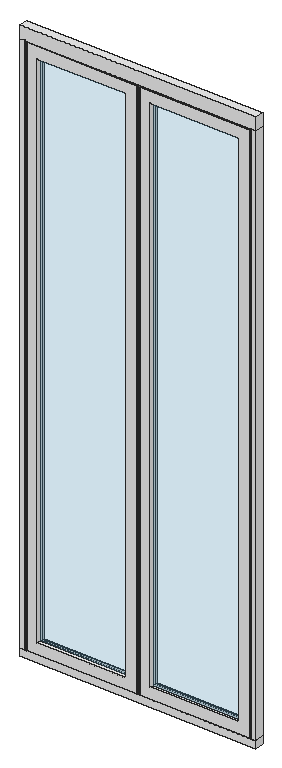
Revit family "98122", category Windows, host Wall, Revit 2018 (continued)
Definition of nested family "Left-Jamb_SL-45"
  Definition of nested family "Left-Jamb_Nana_Walls-S45"
    Lines and regions (in)
      model lines, in view "Ref. Level", visible <- "Half"
        curve 45: arc (0.99409, 0.23819, 0) -> (1.00989, 0.21889, 0) -> (1.03193, 0.23056, 0) r 0.01969
        curve 46: arc (0.94488, 0.19882, 0) -> (0.95065, 0.1849, 0) -> (0.96457, 0.17913, 0) r 0.01969
        curve 47: arc (1.10247, 0.34331, 0) -> (1.09516, 0.34745, 0) -> (1.08827, 0.34264, 0) r 0.00787
        curve 48: arc (1.22037, -0.90354, 0) -> (1.23429, -0.89778, 0) -> (1.24006, -0.88386, 0) r 0.01969
        curve 49: line (2.90731, -0.23763, 0) -> (3.10664, -0.30969, 0)
        curve 50: line (3.3831, -0.30609, 0) -> (3.42144, -0.25133, 0)
        curve 51: line (3.48536, -0.27781, 0) -> (3.46006, -0.42126, 0)
        curve 52: line (3.46006, -0.42126, 0) -> (3.40551, -0.45276, 0)
        curve 53: line (3.40551, -0.45276, 0) -> (3.40551, -0.37402, 0)
        curve 54: line (3.40551, -0.37402, 0) -> (3.30709, -0.37402, 0)
        curve 55: line (3.30709, -0.37402, 0) -> (3.30709, -0.40551, 0)
        curve 56: line (3.30709, -0.40551, 0) -> (2.89256, -0.28249, 0)
        curve 57: line (3.43343, 0.55118, 0) -> (3.30877, 0.55118, 0)
        curve 58: line (3.40551, 0.70866, 0) -> (3.30709, 0.70866, 0)
        curve 59: line (3.30709, 0.70866, 0) -> (3.30709, 0.74803, 0)
        curve 60: line (3.30709, 0.74803, 0) -> (3.34646, 0.74803, 0)
        curve 61: line (3.34646, 0.74803, 0) -> (3.29218, 0.80231, 0)
        curve 62: line (3.26213, 0.79968, 0) -> (3.25545, 0.79013, 0)
        curve 63: line (3.02756, 0.67126, 0) -> (3.24195, 0.67126, 0)
        curve 64: line (3.19094, 0.75655, 0) -> (3.15157, 0.75655, 0)
        curve 65: line (3.08707, 0.79013, 0) -> (3.08039, 0.79968, 0)
        curve 66: line (3.05034, 0.80231, 0) -> (2.99606, 0.74803, 0)
        curve 67: line (2.99606, 0.74803, 0) -> (3.02756, 0.74803, 0)
        curve 68: line (3.02756, 0.74803, 0) -> (3.02756, 0.70866, 0)
        curve 69: line (3.02756, 0.70866, 0) -> (2.99606, 0.70866, 0)
        curve 70: line (2.99606, 0.70866, 0) -> (2.99606, 0.70079, 0)
        curve 71: line (1.24006, -0.19882, 0) -> (1.24006, -0.3937, 0)
        curve 72: line (1.24006, -0.3937, 0) -> (1.29878, -0.3937, 0)
        curve 73: line (1.29786, -0.39024, 0) -> (1.31102, -0.39707, 0)
        curve 74: line (1.31102, -0.39707, 0) -> (1.323, -0.36417, 0)
        curve 75: line (1.323, -0.36417, 0) -> (1.39764, -0.43882, 0)
        curve 76: line (1.39764, -0.43882, 0) -> (1.39764, -0.64386, 0)
        curve 77: line (1.39764, -0.64386, 0) -> (1.323, -0.7185, 0)
        curve 78: line (1.323, -0.7185, 0) -> (1.31102, -0.68561, 0)
        curve 79: line (1.31102, -0.68561, 0) -> (1.29786, -0.69244, 0)
        curve 80: line (1.29878, -0.68898, 0) -> (1.24006, -0.68898, 0)
        curve 81: line (1.24006, -0.68898, 0) -> (1.24006, -0.88386, 0)
        curve 82: line (1.22037, -0.90354, 0) -> (1.1688, -0.90354, 0)
        curve 83: line (1.1688, -0.90354, 0) -> (1.22037, -0.90354, 0)
        curve 84: line (1.03994, -0.90354, 0) -> (0.96457, -0.90354, 0)
        curve 85: line (0.96457, -0.90354, 0) -> (1.03994, -0.90354, 0)
        curve 86: line (1.15391, -0.81442, 0) -> (1.10987, -0.66983, 0)
        curve 87: line (1.37008, -0.46693, 0) -> (1.34007, -0.43693, 0)
        curve 88: line (1.34007, -0.43693, 0) -> (1.27165, -0.44291, 0)
        curve 89: line (1.27165, -0.44291, 0) -> (1.27165, -0.63976, 0)
        curve 90: line (1.27165, -0.63976, 0) -> (1.34007, -0.64575, 0)
        curve 91: line (1.34007, -0.64575, 0) -> (1.37008, -0.61574, 0)
        curve 92: line (1.37008, -0.61574, 0) -> (1.37008, -0.46693, 0)
        curve 93: line (1.19094, -0.27756, 0) -> (1.19094, -0.48737, 0)
        curve 94: line (1.19094, -0.48737, 0) -> (1.2126, -0.53068, 0)
        curve 95: line (1.2126, -0.53068, 0) -> (1.2126, -0.54134, 0)
        curve 96: line (1.2126, -0.54134, 0) -> (1.2126, -0.552, 0)
        curve 97: line (1.2126, -0.552, 0) -> (1.19094, -0.59531, 0)
        curve 98: line (1.19094, -0.59531, 0) -> (1.19094, -0.80512, 0)
        curve 99: line (1.03193, -0.85212, 0) -> (1.07437, -0.67151, 0)
        curve 100: line (0.99409, -0.23819, 0) -> (0.99409, -0.54134, 0)
        curve 101: line (0.99409, -0.54134, 0) -> (0.99409, -0.84449, 0)
        curve 102: line (1.15145, -0.89316, 0) -> (1.10247, -0.73937, 0)
        curve 103: line (1.05809, -0.89149, 0) -> (1.08827, -0.74004, 0)
        curve 104: line (1.1688, -0.17913, 0) -> (1.22037, -0.17913, 0)
        curve 105: line (1.15145, -0.18952, 0) -> (1.10247, -0.34331, 0)
        curve 106: line (0.96457, -0.17913, 0) -> (1.03994, -0.17913, 0)
        curve 107: line (1.05809, -0.19119, 0) -> (1.08827, -0.34264, 0)
        curve 108: line (1.15391, -0.26826, 0) -> (1.10987, -0.41284, 0)
        curve 109: line (0.94488, -0.19882, 0) -> (0.94488, -0.88386, 0)
        curve 110: line (1.03193, -0.23056, 0) -> (1.07437, -0.41117, 0)
        curve 111: line (1.24006, 0.19882, 0) -> (1.24006, 0.3937, 0)
        curve 112: line (1.24006, 0.3937, 0) -> (1.29878, 0.3937, 0)
        curve 113: line (1.29786, 0.39024, 0) -> (1.31102, 0.39707, 0)
        curve 114: line (1.31102, 0.39707, 0) -> (1.323, 0.36417, 0)
        curve 115: line (1.323, 0.36417, 0) -> (1.39764, 0.43882, 0)
        curve 116: line (1.39764, 0.43882, 0) -> (1.39764, 0.64386, 0)
        curve 117: line (1.39764, 0.64386, 0) -> (1.323, 0.7185, 0)
        curve 118: line (1.323, 0.7185, 0) -> (1.31102, 0.68561, 0)
        curve 119: line (1.31102, 0.68561, 0) -> (1.29786, 0.69244, 0)
        curve 120: line (1.29878, 0.68898, 0) -> (1.24006, 0.68898, 0)
        curve 121: line (1.24006, 0.68898, 0) -> (1.24006, 0.88583, 0)
        curve 122: line (1.15391, 0.81442, 0) -> (1.10987, 0.66983, 0)
        curve 123: line (1.37008, 0.46693, 0) -> (1.34007, 0.43693, 0)
        curve 124: line (1.34007, 0.43693, 0) -> (1.27165, 0.44291, 0)
        curve 125: line (1.27165, 0.44291, 0) -> (1.27165, 0.63976, 0)
        curve 126: line (1.27165, 0.63976, 0) -> (1.34007, 0.64575, 0)
        curve 127: line (1.34007, 0.64575, 0) -> (1.37008, 0.61574, 0)
        curve 128: line (1.37008, 0.61574, 0) -> (1.37008, 0.46693, 0)
        curve 129: line (1.19094, 0.27756, 0) -> (1.19094, 0.48737, 0)
        curve 130: line (1.19094, 0.48737, 0) -> (1.2126, 0.53068, 0)
        curve 131: line (1.2126, 0.53068, 0) -> (1.2126, 0.54134, 0)
        curve 132: line (1.2126, 0.54134, 0) -> (1.2126, 0.552, 0)
        curve 133: line (1.2126, 0.552, 0) -> (1.19094, 0.59531, 0)
        curve 134: line (1.19094, 0.59531, 0) -> (1.19094, 0.80512, 0)
        curve 135: line (1.03193, 0.85212, 0) -> (1.07437, 0.67151, 0)
        curve 136: line (0.99409, 0.23819, 0) -> (0.99409, 0.54134, 0)
        curve 137: line (0.99409, 0.54134, 0) -> (0.99409, 0.84449, 0)
        curve 138: line (1.15145, 0.89316, 0) -> (1.10247, 0.73937, 0)
        curve 139: line (1.05809, 0.89149, 0) -> (1.08827, 0.74004, 0)
        curve 140: line (1.1688, 0.17913, 0) -> (1.22037, 0.17913, 0)
        curve 141: line (1.15145, 0.18952, 0) -> (1.10247, 0.34331, 0)
        curve 142: line (0.96457, 0.17913, 0) -> (1.03994, 0.17913, 0)
        curve 143: line (1.05809, 0.19119, 0) -> (1.08827, 0.34264, 0)
        curve 144: line (1.15391, 0.26826, 0) -> (1.10987, 0.41284, 0)
        curve 145: line (0.94488, 0.19882, 0) -> (0.94488, 0.88583, 0)
        curve 146: line (1.03193, 0.23056, 0) -> (1.07437, 0.41117, 0)
        curve 147: arc (0.97126, -0.91394, 0) -> (0.9793, -0.90668, 0) -> (0.98228, -0.89626, 0) r 0.01969
        curve 148: circle (1.09252, -1.16142, 0) r 0.12205 normal (0, 0, 1)
        curve 149: circle (1.09252, -1.16142, 0) r 0.15748 normal (0, 0, 1)
        curve 150: arc (0.97126, -0.91394, 0) -> (0.94669, -1.39526, 0) -> (1.36811, -1.16142, 0) r 0.27559
        curve 151: circle (1.09252, -1.16142, 0) r 0.17717 normal (0, 0, 1)
        curve 152: circle (1.09252, -1.16142, 0) r 0.14764 normal (0, 0, 1)
        curve 153: arc (0.8563, -1.16142, 0) -> (1.2145, -1.3637, 0) -> (1.20276, -0.9525, 0) r 0.23622
        curve 154: circle (1.09252, -1.16142, 0) r 0.12795 normal (0, 0, 1)
        curve 155: line (1.16339, -0.97777, 0) -> (1.20276, -0.9525, 0)
        curve 156: line (0.97441, -0.88583, 0) -> (0.91535, -0.88583, 0)
        curve 157: line (0.91535, -0.88583, 0) -> (0.8563, -0.90165, 0)
        curve 158: line (0.8563, -0.90165, 0) -> (0.8563, -1.16142, 0)
        curve 159: line (0.98228, -0.89626, 0) -> (0.98228, -0.88583, 0)
        curve 160: line (1.21063, -0.88583, 0) -> (1.26969, -0.88583, 0)
        curve 161: line (1.26969, -0.88583, 0) -> (1.36811, -0.9122, 0)
        curve 162: line (1.36811, -0.9122, 0) -> (1.36811, -1.16142, 0)
        curve 163: line (1.09252, -1.55512, 0) -> (1.09252, -0.76772, 0)
        curve 164: line (0.69882, -1.16142, 0) -> (1.48622, -1.16142, 0)
        curve 165: line (1.20276, -0.88583, 0) -> (1.20276, -0.9525, 0)
        curve 194: arc (1.24063, 0.27988, 0) -> (1.24448, 0.26328, 0) -> (1.25984, 0.25591, 0) r 0.01969
        curve 195: arc (1.24006, 0.70165, 0) -> (1.24606, 0.79374, 0) -> (1.24016, 0.88583, 0) r 0.71502
        curve 196: arc (1.24006, 0.27735, 0) -> (1.24606, 0.32902, 0) -> (1.24006, 0.38069, 0) r 0.22532
        curve 197: arc (1.43307, 0.79528, 0) -> (1.42731, 0.8092, 0) -> (1.41339, 0.81496, 0) r 0.01969
        curve 198: arc (1.29134, 0.68898, 0) -> (1.29691, 0.69128, 0) -> (1.29921, 0.69685, 0) r 0.00787
        curve 199: arc (1.61417, 0.72835, 0) -> (1.6257, 0.70051, 0) -> (1.65354, 0.68898, 0) r 0.03937
        curve 200: arc (1.6811, 0.30315, 0) -> (1.67534, 0.31707, 0) -> (1.66142, 0.32283, 0) r 0.01969
        curve 201: arc (1.41339, 0.31496, 0) -> (1.42731, 0.32073, 0) -> (1.43307, 0.33465, 0) r 0.01969
        curve 202: arc (1.29921, 0.38583, 0) -> (1.29691, 0.39139, 0) -> (1.29134, 0.3937, 0) r 0.00787
        curve 203: arc (1.61417, 0.23622, 0) -> (1.60841, 0.25014, 0) -> (1.59449, 0.25591, 0) r 0.01969
        curve 204: arc (2.43307, 0.5315, 0) -> (2.41915, 0.52573, 0) -> (2.41339, 0.51181, 0) r 0.01969
        curve 205: arc (2.34646, 0.14837, 0) -> (2.34945, 0.1333, 0) -> (2.35799, 0.12053, 0) r 0.03937
        curve 206: arc (2.94094, 0.74803, 0) -> (2.95248, 0.72019, 0) -> (2.98031, 0.70866, 0) r 0.03937
        curve 207: arc (2.55906, 0.48031, 0) -> (2.56214, 0.47407, 0) -> (2.56897, 0.47271, 0) r 0.00787
        curve 208: arc (2.61811, 0.54545, 0) -> (2.61312, 0.55855, 0) -> (2.60068, 0.565, 0) r 0.01969
        curve 209: arc (2.56897, 0.1139, 0) -> (2.56214, 0.11255, 0) -> (2.55906, 0.1063, 0) r 0.00787
        curve 210: arc (2.52545, 0.05329, 0) -> (2.5469, 0.04902, 0) -> (2.55906, 0.06721, 0) r 0.01969
        curve 211: arc (1.25984, -0.25591, 0) -> (1.24448, -0.26328, 0) -> (1.24063, -0.27988, 0) r 0.01969
        curve 212: arc (1.24006, -0.38069, 0) -> (1.24606, -0.32902, 0) -> (1.24006, -0.27735, 0) r 0.22532
        curve 213: arc (1.24016, -0.88583, 0) -> (1.24606, -0.79374, 0) -> (1.24006, -0.70165, 0) r 0.71502
        curve 214: arc (1.59449, -0.25591, 0) -> (1.60841, -0.25014, 0) -> (1.61417, -0.23622, 0) r 0.01969
        curve 215: arc (1.29134, -0.3937, 0) -> (1.29691, -0.39139, 0) -> (1.29921, -0.38583, 0) r 0.00787
        curve 216: arc (1.43307, -0.33465, 0) -> (1.42731, -0.32073, 0) -> (1.41339, -0.31496, 0) r 0.01969
        curve 217: arc (1.66142, -0.32283, 0) -> (1.67534, -0.31707, 0) -> (1.6811, -0.30315, 0) r 0.01969
        curve 218: arc (2.38583, -0.25197, 0) -> (2.35799, -0.2635, 0) -> (2.34646, -0.29134, 0) r 0.03937
        curve 219: arc (2.43307, -0.32283, 0) -> (2.41915, -0.3286, 0) -> (2.41339, -0.34252, 0) r 0.01969
        curve 220: arc (1.29921, -0.69685, 0) -> (1.29691, -0.69128, 0) -> (1.29134, -0.68898, 0) r 0.00787
        curve 221: arc (1.41339, -0.81496, 0) -> (1.42731, -0.8092, 0) -> (1.43307, -0.79528, 0) r 0.01969
        curve 222: arc (1.65354, -0.68898, 0) -> (1.6257, -0.70051, 0) -> (1.61417, -0.72835, 0) r 0.03937
        curve 223: arc (2.41339, -0.80709, 0) -> (2.41915, -0.82101, 0) -> (2.43307, -0.82677, 0) r 0.01969
        curve 224: arc (2.55906, -0.38583, 0) -> (2.56214, -0.39207, 0) -> (2.56897, -0.39343, 0) r 0.00787
        curve 225: arc (2.61811, -0.70241, 0) -> (2.6122, -0.79412, 0) -> (2.61811, -0.88583, 0) r 0.71502
        curve 226: arc (2.56897, -0.68924, 0) -> (2.56214, -0.6906, 0) -> (2.55906, -0.69685, 0) r 0.00787
        curve 227: arc (2.49522, -0.37469, 0) -> (2.49003, -0.38145, 0) -> (2.48819, -0.38977, 0) r 0.01969
        curve 228: arc (2.55906, -0.34646, 0) -> (2.55234, -0.3358, 0) -> (2.53983, -0.33726, 0) r 0.01181
        curve 229: arc (2.48819, -0.40157, 0) -> (2.49395, -0.41549, 0) -> (2.50787, -0.42126, 0) r 0.01969
        curve 230: arc (2.50394, -0.64961, 0) -> (2.48939, -0.65933, 0) -> (2.4928, -0.67649, 0) r 0.01575
        curve 231: arc (2.51836, -0.70205, 0) -> (2.52427, -0.70472, 0) -> (2.53019, -0.70205, 0) r 0.00787
        curve 232: arc (2.68321, -0.36825, 0) -> (2.6896, -0.37252, 0) -> (2.69713, -0.37402, 0) r 0.01969
        curve 233: arc (2.67899, -0.36403, 0) -> (2.67261, -0.35977, 0) -> (2.66507, -0.35827, 0) r 0.01969
        curve 234: arc (3.02756, -0.38583, 0) -> (3.0241, -0.37748, 0) -> (3.01575, -0.37402, 0) r 0.01181
        curve 235: arc (2.93307, -0.49213, 0) -> (2.94691, -0.52553, 0) -> (2.98031, -0.53937, 0) r 0.04724
        curve 236: arc (2.6811, -0.69685, 0) -> (2.66726, -0.66344, 0) -> (2.63386, -0.64961, 0) r 0.04724
        curve 237: arc (3.3189, -0.37402, 0) -> (3.31055, -0.37748, 0) -> (3.30709, -0.38583, 0) r 0.01181
        curve 288: line (1.6811, 0.30315, 0) -> (1.6811, -0.30315, 0)
        curve 289: line (2.41339, 0.51181, 0) -> (2.41339, 0.16535, 0)
        curve 290: line (2.41339, 0.16535, 0) -> (2.52545, 0.05329, 0)
        curve 291: line (2.55906, 0.48031, 0) -> (2.55906, 0.5315, 0)
        curve 292: line (2.55906, 0.5315, 0) -> (2.43307, 0.5315, 0)
        curve 293: line (2.60068, 0.565, 0) -> (2.41339, 0.58661, 0)
        curve 294: line (2.41339, 0.58661, 0) -> (2.41339, 0.8189, 0)
        curve 295: line (2.41339, 0.8189, 0) -> (2.94094, 0.8189, 0)
        curve 296: line (2.94094, 0.8189, 0) -> (2.94094, 0.74803, 0)
        curve 297: line (1.24006, 0.38024, 0) -> (1.2903, 0.3937, 0)
        curve 298: line (1.2903, 0.68898, 0) -> (1.24006, 0.70244, 0)
        curve 299: line (2.34646, 0.14837, 0) -> (2.34646, 0.80709, 0)
        curve 300: line (2.34646, 0.80709, 0) -> (1.6811, 0.80709, 0)
        curve 301: line (1.6811, 0.80709, 0) -> (1.6811, 0.68898, 0)
        curve 302: line (1.6811, 0.68898, 0) -> (1.65354, 0.68898, 0)
        curve 303: line (1.43307, 0.33465, 0) -> (1.43307, 0.79528, 0)
        curve 304: line (1.61417, 0.72835, 0) -> (1.61417, 0.81496, 0)
        curve 305: line (1.61417, 0.81496, 0) -> (1.5, 0.81496, 0)
        curve 306: line (1.5, 0.81496, 0) -> (1.5, 0.32283, 0)
        curve 307: line (1.5, 0.32283, 0) -> (1.66142, 0.32283, 0)
        curve 308: line (1.41339, 0.81496, 0) -> (1.29921, 0.81496, 0)
        curve 309: line (1.29921, 0.81496, 0) -> (1.29921, 0.69685, 0)
        curve 310: line (1.29921, 0.38583, 0) -> (1.29921, 0.31496, 0)
        curve 311: line (1.29921, 0.31496, 0) -> (1.41339, 0.31496, 0)
        curve 312: line (1.25984, 0.25591, 0) -> (1.59449, 0.25591, 0)
        curve 313: line (1.24006, 0.88583, 0) -> (3.40551, 0.88583, 0)
        curve 314: line (3.40551, 0.88583, 0) -> (3.40551, 0.70866, 0)
        curve 315: line (3.40551, 0.70866, 0) -> (3.30709, 0.70866, 0)
        curve 316: line (3.30709, 0.70866, 0) -> (3.30709, 0.74803, 0)
        curve 317: line (3.30709, 0.74803, 0) -> (3.34646, 0.74803, 0)
        curve 318: line (3.34646, 0.74803, 0) -> (3.34646, 0.82677, 0)
        curve 319: line (3.34646, 0.82677, 0) -> (2.98819, 0.82677, 0)
        curve 320: line (2.98819, 0.82677, 0) -> (2.98819, 0.74803, 0)
        curve 321: line (2.98819, 0.74803, 0) -> (3.02756, 0.74803, 0)
        curve 322: line (3.02756, 0.74803, 0) -> (3.02756, 0.70866, 0)
        curve 323: line (3.02756, 0.70866, 0) -> (2.98031, 0.70866, 0)
        curve 324: line (2.61811, 0.54545, 0) -> (2.61811, 0.48588, 0)
        curve 325: line (2.61811, 0.48588, 0) -> (2.56897, 0.47271, 0)
        curve 326: line (2.55906, 0.06721, 0) -> (2.55906, 0.1063, 0)
        curve 327: line (2.43307, -0.82677, 0) -> (2.55906, -0.82677, 0)
        curve 328: line (2.55906, -0.82677, 0) -> (2.55906, -0.69685, 0)
        curve 329: line (2.55906, -0.38583, 0) -> (2.55906, -0.32283, 0)
        curve 330: line (2.55906, -0.32283, 0) -> (2.43307, -0.32283, 0)
        curve 331: line (2.38583, -0.25197, 0) -> (2.54724, -0.25197, 0)
        curve 332: line (2.54724, -0.25197, 0) -> (2.54724, -0.06872, 0)
        curve 333: line (2.54724, -0.06872, 0) -> (2.35799, 0.12053, 0)
        curve 334: line (1.2903, -0.68898, 0) -> (1.24006, -0.70244, 0)
        curve 335: line (1.24006, -0.38024, 0) -> (1.2903, -0.3937, 0)
        curve 336: line (1.65354, -0.68898, 0) -> (1.6811, -0.68898, 0)
        curve 337: line (1.6811, -0.68898, 0) -> (1.6811, -0.80709, 0)
        curve 338: line (1.6811, -0.80709, 0) -> (2.34646, -0.80709, 0)
        curve 339: line (2.34646, -0.80709, 0) -> (2.34646, -0.29134, 0)
        curve 340: line (2.41339, -0.34252, 0) -> (2.41339, -0.80709, 0)
        curve 341: line (1.43307, -0.33465, 0) -> (1.43307, -0.79528, 0)
        curve 342: line (1.61417, -0.72835, 0) -> (1.61417, -0.81496, 0)
        curve 343: line (1.61417, -0.81496, 0) -> (1.5, -0.81496, 0)
        curve 344: line (1.5, -0.81496, 0) -> (1.5, -0.32283, 0)
        curve 345: line (1.5, -0.32283, 0) -> (1.66142, -0.32283, 0)
        curve 346: line (1.25984, -0.25591, 0) -> (1.59449, -0.25591, 0)
        curve 347: line (1.61417, -0.23622, 0) -> (1.61417, -0.02046, 0)
        curve 348: line (1.61417, -0.02046, 0) -> (1.62598, 0, 0)
        curve 349: line (1.62598, 0, 0) -> (1.61417, 0.02046, 0)
        curve 350: line (1.61417, 0.02046, 0) -> (1.61417, 0.23622, 0)
        curve 351: line (1.29921, -0.38583, 0) -> (1.29921, -0.31496, 0)
        curve 352: line (1.29921, -0.31496, 0) -> (1.41339, -0.31496, 0)
        curve 353: line (1.41339, -0.81496, 0) -> (1.29921, -0.81496, 0)
        curve 354: line (1.29921, -0.81496, 0) -> (1.29921, -0.69685, 0)
        curve 355: line (2.56897, -0.39343, 0) -> (2.61811, -0.38026, 0)
        curve 356: line (2.61811, -0.38026, 0) -> (2.61811, -0.03937, 0)
        curve 357: line (2.61811, -0.03937, 0) -> (2.57874, 0, 0)
        curve 358: line (2.57874, 0, 0) -> (2.61811, 0.03937, 0)
        curve 359: line (2.61811, 0.03937, 0) -> (2.61811, 0.10074, 0)
        curve 360: line (2.61811, 0.10074, 0) -> (2.56897, 0.1139, 0)
        curve 361: line (2.56897, -0.68924, 0) -> (2.61811, -0.70241, 0)
        curve 362: line (2.93307, -0.49213, 0) -> (2.93307, -0.42126, 0)
        curve 363: line (2.93307, -0.42126, 0) -> (2.50787, -0.42126, 0)
        curve 364: line (2.66507, -0.35827, 0) -> (2.63386, -0.35827, 0)
        curve 365: line (2.63386, -0.35827, 0) -> (2.63386, -0.38189, 0)
        curve 366: line (2.63386, -0.38189, 0) -> (2.54724, -0.38189, 0)
        curve 367: line (2.54724, -0.38189, 0) -> (2.54724, -0.3622, 0)
        curve 368: line (2.54724, -0.3622, 0) -> (2.55906, -0.3622, 0)
        curve 369: line (2.55906, -0.3622, 0) -> (2.55906, -0.34646, 0)
        curve 370: line (2.63386, -0.64961, 0) -> (2.50394, -0.64961, 0)
        curve 371: line (1.24016, -0.88583, 0) -> (2.61811, -0.88583, 0)
        curve 372: line (2.61811, -0.88583, 0) -> (2.61811, -0.83858, 0)
        curve 373: line (2.61811, -0.83858, 0) -> (2.63386, -0.83858, 0)
        curve 374: line (2.63386, -0.83858, 0) -> (2.63386, -0.68898, 0)
        curve 375: line (2.63386, -0.68898, 0) -> (2.54652, -0.68898, 0)
        curve 376: line (2.49522, -0.37469, 0) -> (2.53983, -0.33726, 0)
        curve 377: line (2.48819, -0.40157, 0) -> (2.48819, -0.38977, 0)
        curve 378: line (2.54096, -0.69128, 0) -> (2.53019, -0.70205, 0)
        curve 379: line (2.4928, -0.67649, 0) -> (2.51836, -0.70205, 0)
        curve 380: line (2.98031, -0.53937, 0) -> (3.35039, -0.53937, 0)
        curve 381: line (3.35039, -0.53937, 0) -> (3.35039, -0.83071, 0)
        curve 382: line (3.35039, -0.83071, 0) -> (2.6811, -0.83071, 0)
        curve 383: line (2.6811, -0.83071, 0) -> (2.6811, -0.69685, 0)
        curve 384: line (3.3189, -0.37402, 0) -> (3.40551, -0.37402, 0)
        curve 385: line (3.40551, -0.37402, 0) -> (3.40551, -0.88583, 0)
        curve 386: line (3.40551, -0.88583, 0) -> (2.61811, -0.88583, 0)
        curve 387: line (3.30709, -0.38583, 0) -> (3.30709, -0.41339, 0)
        curve 388: line (3.30709, -0.41339, 0) -> (3.35039, -0.41339, 0)
        curve 389: line (3.35039, -0.41339, 0) -> (3.35039, -0.49213, 0)
        curve 390: line (3.35039, -0.49213, 0) -> (2.98031, -0.49213, 0)
        curve 391: line (2.98031, -0.49213, 0) -> (2.98031, -0.41339, 0)
        curve 392: line (2.98031, -0.41339, 0) -> (3.02756, -0.41339, 0)
        curve 393: line (3.02756, -0.41339, 0) -> (3.02756, -0.38583, 0)
        curve 394: line (3.01575, -0.37402, 0) -> (2.69713, -0.37402, 0)
      model lines, in view "Ref. Level"
        curve 166: arc (0.94488, -0.70269, 0) -> (0.93898, -0.79426, 0) -> (0.94488, -0.88583, 0) r 0.71286
        curve 167: arc (0.75197, -0.79528, 0) -> (0.75773, -0.8092, 0) -> (0.77165, -0.81496, 0) r 0.01969
        curve 168: arc (0.8937, -0.68898, 0) -> (0.88813, -0.69128, 0) -> (0.88583, -0.69685, 0) r 0.00787
        curve 169: arc (0.88583, -0.38583, 0) -> (0.88813, -0.39139, 0) -> (0.8937, -0.3937, 0) r 0.00787
        curve 170: arc (0.85827, -0.24803, 0) -> (0.87219, -0.24227, 0) -> (0.87795, -0.22835, 0) r 0.01969
        curve 171: arc (0.72441, -0.24803, 0) -> (0.69657, -0.25956, 0) -> (0.68504, -0.2874, 0) r 0.03937
        curve 172: arc (0.77165, -0.31496, 0) -> (0.75773, -0.32073, 0) -> (0.75197, -0.33465, 0) r 0.01969
        curve 173: arc (0, -0.88583, 0) -> (0.00591, -0.79426, 0) -> (0, -0.70269, 0) r 0.71286
        curve 174: arc (0.17323, -0.81496, 0) -> (0.18715, -0.8092, 0) -> (0.19291, -0.79528, 0) r 0.01969
        curve 175: arc (0.05906, -0.69685, 0) -> (0.05675, -0.69128, 0) -> (0.05118, -0.68898, 0) r 0.00787
        curve 176: arc (0.05118, -0.3937, 0) -> (0.05675, -0.39139, 0) -> (0.05906, -0.38583, 0) r 0.00787
        curve 177: arc (0.25984, -0.2874, 0) -> (0.24831, -0.25956, 0) -> (0.22047, -0.24803, 0) r 0.03937
        curve 178: arc (0.19291, -0.33465, 0) -> (0.18715, -0.32073, 0) -> (0.17323, -0.31496, 0) r 0.01969
        curve 179: arc (0.06693, -0.22835, 0) -> (0.07269, -0.24227, 0) -> (0.08661, -0.24803, 0) r 0.01969
        curve 180: arc (0.77165, 0.81496, 0) -> (0.75773, 0.8092, 0) -> (0.75197, 0.79528, 0) r 0.01969
        curve 181: arc (0.94488, 0.88583, 0) -> (0.93898, 0.79426, 0) -> (0.94488, 0.70269, 0) r 0.71286
        curve 182: arc (0.87795, 0.22835, 0) -> (0.87219, 0.24227, 0) -> (0.85827, 0.24803, 0) r 0.01969
        curve 183: arc (0.8937, 0.3937, 0) -> (0.88813, 0.39139, 0) -> (0.88583, 0.38583, 0) r 0.00787
        curve 184: arc (0.75197, 0.33465, 0) -> (0.75773, 0.32073, 0) -> (0.77165, 0.31496, 0) r 0.01969
        curve 185: arc (0.68504, 0.2874, 0) -> (0.69657, 0.25956, 0) -> (0.72441, 0.24803, 0) r 0.03937
        curve 186: arc (0.88583, 0.69685, 0) -> (0.88813, 0.69128, 0) -> (0.8937, 0.68898, 0) r 0.00787
        curve 187: arc (0.19291, 0.79528, 0) -> (0.18715, 0.8092, 0) -> (0.17323, 0.81496, 0) r 0.01969
        curve 188: arc (0, 0.70269, 0) -> (0.00591, 0.79426, 0) -> (0, 0.88583, 0) r 0.71286
        curve 189: arc (0.17323, 0.31496, 0) -> (0.18715, 0.32073, 0) -> (0.19291, 0.33465, 0) r 0.01969
        curve 190: arc (0.22047, 0.24803, 0) -> (0.24831, 0.25956, 0) -> (0.25984, 0.2874, 0) r 0.03937
        curve 191: arc (0.08661, 0.24803, 0) -> (0.07269, 0.24227, 0) -> (0.06693, 0.22835, 0) r 0.01969
        curve 192: arc (0.05906, 0.38583, 0) -> (0.05675, 0.39139, 0) -> (0.05118, 0.3937, 0) r 0.00787
        curve 193: arc (0.05118, 0.68898, 0) -> (0.05675, 0.69128, 0) -> (0.05906, 0.69685, 0) r 0.00787
        curve 238: line (0.87795, 0.22835, 0) -> (0.87795, -0.22835, 0)
        curve 239: line (0.06693, 0.22835, 0) -> (0.06693, -0.22835, 0)
        curve 240: line (0, -0.88583, 0) -> (0.94488, -0.88583, 0)
        curve 241: line (0.68504, -0.2874, 0) -> (0.68504, -0.80709, 0)
        curve 242: line (0.68504, -0.80709, 0) -> (0.25984, -0.80709, 0)
        curve 243: line (0.25984, -0.80709, 0) -> (0.25984, -0.2874, 0)
        curve 244: line (0.88583, -0.69685, 0) -> (0.88583, -0.81496, 0)
        curve 245: line (0.88583, -0.81496, 0) -> (0.77165, -0.81496, 0)
        curve 246: line (0.75197, -0.79528, 0) -> (0.75197, -0.33465, 0)
        curve 247: line (0.8937, -0.3937, 0) -> (0.94488, -0.37999, 0)
        curve 248: line (0.94488, -0.37999, 0) -> (0.94488, -0.02046, 0)
        curve 249: line (0.94488, -0.02046, 0) -> (0.93307, 0, 0)
        curve 250: line (0.93307, 0, 0) -> (0.94488, 0.02046, 0)
        curve 251: line (0.94488, 0.02046, 0) -> (0.94488, 0.37999, 0)
        curve 252: line (0.94488, 0.37999, 0) -> (0.8937, 0.3937, 0)
        curve 253: line (0.77165, -0.31496, 0) -> (0.88583, -0.31496, 0)
        curve 254: line (0.88583, -0.31496, 0) -> (0.88583, -0.38583, 0)
        curve 255: line (0.94488, -0.70269, 0) -> (0.8937, -0.68898, 0)
        curve 256: line (0.85827, -0.24803, 0) -> (0.72441, -0.24803, 0)
        curve 257: line (0.05906, -0.69685, 0) -> (0.05906, -0.81496, 0)
        curve 258: line (0.05906, -0.81496, 0) -> (0.17323, -0.81496, 0)
        curve 259: line (0.19291, -0.79528, 0) -> (0.19291, -0.33465, 0)
        curve 260: line (0, -0.70269, 0) -> (0.05118, -0.68898, 0)
        curve 261: line (0.17323, -0.31496, 0) -> (0.05906, -0.31496, 0)
        curve 262: line (0.05906, -0.31496, 0) -> (0.05906, -0.38583, 0)
        curve 263: line (0.08661, -0.24803, 0) -> (0.22047, -0.24803, 0)
        curve 264: line (0.25984, 0.2874, 0) -> (0.25984, 0.80709, 0)
        curve 265: line (0.25984, 0.80709, 0) -> (0.68504, 0.80709, 0)
        curve 266: line (0.68504, 0.80709, 0) -> (0.68504, 0.2874, 0)
        curve 267: line (0.94488, 0.88583, 0) -> (0, 0.88583, 0)
        curve 268: line (0.88583, 0.69685, 0) -> (0.88583, 0.81496, 0)
        curve 269: line (0.88583, 0.81496, 0) -> (0.77165, 0.81496, 0)
        curve 270: line (0.75197, 0.79528, 0) -> (0.75197, 0.33465, 0)
        curve 271: line (0.72441, 0.24803, 0) -> (0.85827, 0.24803, 0)
        curve 272: line (0.77165, 0.31496, 0) -> (0.88583, 0.31496, 0)
        curve 273: line (0.88583, 0.31496, 0) -> (0.88583, 0.38583, 0)
        curve 274: line (0.94488, 0.70269, 0) -> (0.8937, 0.68898, 0)
        curve 275: line (0.05906, 0.69685, 0) -> (0.05906, 0.81496, 0)
        curve 276: line (0.05906, 0.81496, 0) -> (0.17323, 0.81496, 0)
        curve 277: line (0, 0.70269, 0) -> (0.05118, 0.68898, 0)
        curve 278: line (0.05118, 0.3937, 0) -> (0, 0.37999, 0)
        curve 279: line (0, 0.37999, 0) -> (0, 0.02046, 0)
        curve 280: line (0, 0.02046, 0) -> (0.01181, 0, 0)
        curve 281: line (0.01181, 0, 0) -> (0, -0.02046, 0)
        curve 282: line (0, -0.02046, 0) -> (0, -0.37999, 0)
        curve 283: line (0, -0.37999, 0) -> (0.05118, -0.3937, 0)
        curve 284: line (0.19291, 0.79528, 0) -> (0.19291, 0.33465, 0)
        curve 285: line (0.22047, 0.24803, 0) -> (0.08661, 0.24803, 0)
        curve 286: line (0.17323, 0.31496, 0) -> (0.05906, 0.31496, 0)
        curve 287: line (0.05906, 0.31496, 0) -> (0.05906, 0.38583, 0)
      detail lines, in view "Ref. Level", visible <- "Half"
        curve 395: arc (1.15145, 0.89316, 0) -> (1.15869, 0.90075, 0) -> (1.1688, 0.90354, 0) r 0.01969
        curve 396: arc (1.22037, 0.90354, 0) -> (1.23429, 0.89778, 0) -> (1.24006, 0.88386, 0) r 0.01969
        curve 397: arc (1.03994, 0.90354, 0) -> (1.05083, 0.90025, 0) -> (1.05809, 0.89149, 0) r 0.01969
        curve 398: arc (0.94488, 0.88386, 0) -> (0.95065, 0.89778, 0) -> (0.96457, 0.90354, 0) r 0.01969
        curve 399: line (1.1688, 0.90354, 0) -> (1.22037, 0.90354, 0)
        curve 400: line (0.96457, 0.90354, 0) -> (1.03994, 0.90354, 0)
Definition of nested family "Sash_SL45"
  Parameters
    Width = 1' - 11 7/128"
    Sash = none
    Height = 9' - 3 123/256"
    Glass = none
    Filler = none
    Assembly Code = ""
  Reference planes (in)
    plane 1 "Center (Front/Back)": y = -8.125
    plane 2: z = 0
    plane 3 "Center (Left/Right)": x = 0.01235
    plane 4 "Interior": y = -7.25
    plane 5 "Exterior": y = -9
    plane 6 "Left": x = -11.515
    plane 7 "Right": x = 11.53969
    plane 8 "Left Interior Edge of Sash": x = -9.05406
    plane 9 "Interior Edge of Glass": y = -7.89063
    plane 10 "Exterior Edge of Glass": y = -8.66797
    plane 11 "Left Edge": x = -9.63739
    plane 12 "Right Interior Edge of Sash": x = 9.07875
    plane 13 "Right Edge": x = 9.66209
    plane 14 "Left Interior Edge of Filler": x = -11.22333
    plane 15 "Top": z = 111.48047
    plane 16 "Top Interior Edge of Filler": z = 111.1875
    plane 17 "Bottom Interior Edge of Filler": z = 0.29297
    plane 18 "Right Interior Edge of Filler": x = 11.24802
    plane 19 "Top Edge": z = 109.63281
    plane 20 "Bottom Edge": z = 1.84766
    plane 21 "Left Edge of Glass": x = -9.44989
    plane 22 "Right Edge of Glass": x = 9.47459
    plane 23 "Top Edge of Glass": z = 109.44531
    plane 24 "Bottom Edge of Glass": z = 2.03516
  Forms (in)
    Sweep 1, solid, material <- "Filler"
      path origin (0, -8.125, 0) x (1, 0, 0) y (0, 0, 1)
        loop
          line (11.24802, 0) -> (11.24802, 111.1875) -> (-11.22333, 111.1875) -> (-11.22333, 0)
      profile origin (-11.22333, -8.125, 55.59375) x (0, -1, 0) y (1, 0, 0)
        loop
          line (-0.875, -0.29167) -> (0.875, -0.29167) -> (0.875, 0) -> (-0.875, 0) -> (-0.875, -0.29167)
    Sweep 2, solid, material <- "Sash"
      path origin (0, -8.125, 0) x (1, 0, 0) y (0, 0, 1)
        loop
          line (-11.22333, 111.1875) -> (-11.22333, 0) -> (11.24802, 0) -> (11.24802, 111.1875) -> (-11.22333, 111.1875)
      profile origin (-11.22333, -8.125, 55.59375) x (0, -1, 0) y (1, 0, 0)
        loop
          line (-0.875, 0) -> (0.875, 0) -> (0.875, 2.16927) -> (0.54297, 2.16927) -> (0.54297, 1.58594) -> (-0.23438, 1.58594) -> (-0.23438, 2.16927) -> (-0.875, 2.16927) -> (-0.875, 0)
    Extrusion 3, solid, material <- "Glass"
      sketch origin (0, -8.125, 0) x (1, 0, 0) y (0, 0, 1)
        loop
          line (-9.44989, 109.44531) -> (-9.44989, 2.03516) -> (9.47459, 2.03516) -> (9.47459, 109.44531) -> (-9.44989, 109.44531)
      from -0.23437 to 0.54297
  Lines and regions (in)
    Masking region 1
      outline origin (0, 0, 0) x (1, 0, 0) y (0, 1, 0)
        loop
          line (-11.515, -7.25) -> (-11.515, -9) -> (-9.05406, -9) -> (-9.05406, -8.66797) -> (-9.63739, -8.66797) -> (-9.63739, -7.89063) -> (-9.05406, -7.89063) -> (-9.05406, -7.25) -> (-11.515, -7.25)
    Masking region 2, detail levels medium+fine
      outline origin (0, 0, 0) x (1, 0, 0) y (0, 1, 0)
        loop
          line (-11.515, -7.25) -> (-11.515, -9) -> (-11.22333, -9) -> (-11.22333, -7.25) -> (-11.515, -7.25)
    Masking region 3
      outline origin (0, 0, 0) x (1, 0, 0) y (0, 1, 0)
        loop
          line (9.07875, -7.25) -> (9.07875, -7.89063) -> (9.66209, -7.89063) -> (9.66209, -8.66797) -> (9.07875, -8.66797) -> (9.07875, -9) -> (11.53969, -9) -> (11.53969, -7.25) -> (9.07875, -7.25)
    Masking region 4, detail levels medium+fine
      outline origin (0, 0, 0) x (1, 0, 0) y (0, 1, 0)
        loop
          line (11.24802, -7.25) -> (11.24802, -9) -> (11.53969, -9) -> (11.53969, -7.25) -> (11.24802, -7.25)
    Masking region 5
      outline origin (0, 0, 0) x (1, 0, 0) y (0, 1, 0)
        loop
          line (9.47459, -7.89063) -> (-9.44989, -7.89063) -> (-9.44989, -8.66797) -> (9.47459, -8.66797) -> (9.47459, -7.89063)
    Masking region 6
      outline origin (0, 0, 0) x (1, 0, 0) y (0, 1, 0)
        loop
          line (-9.05406, -7.25) -> (-9.05406, -7.89063) -> (9.07875, -7.89063) -> (9.07875, -7.25) -> (-9.05406, -7.25)
    Masking region 7
      outline origin (0, 0, 0) x (1, 0, 0) y (0, 1, 0)
        loop
          line (-9.05406, -9) -> (9.07875, -9) -> (9.07875, -8.66797) -> (-9.05406, -8.66797) -> (-9.05406, -9)
    Masking region 8
      outline origin (0, 0, 0) x (1, 0, 0) y (0, 1, 0)
        loop
          line (-9.63739, -8.66797) -> (-9.44989, -8.66797) -> (-9.44989, -7.89063) -> (-9.63739, -7.89063) -> (-9.63739, -8.66797)
    Masking region 9
      outline origin (0, 0, 0) x (1, 0, 0) y (0, 1, 0)
        loop
          line (9.66209, -8.66797) -> (9.66209, -7.89063) -> (9.47459, -7.89063) -> (9.47459, -8.66797) -> (9.66209, -8.66797)
    symbolic lines
      curve 1: line (-11.515, -7.25, 0) -> (-11.515, -9, 0)
    symbolic lines, detail levels medium+fine
      curve 2: line (-11.515, -7.25, 0) -> (11.53969, -7.25, 0)
      curve 3: line (-11.515, -9, 0) -> (11.53969, -9, 0)
      curve 4: line (-11.22333, -7.25, 0) -> (-11.22333, -9, 0)
      curve 5: line (11.53969, -7.25, 0) -> (11.53969, -9, 0)
      curve 6: line (11.24802, -7.25, 0) -> (11.24802, -9, 0)
  Text (in)
    text "INTERIOR" at (-58.41771, 10.1947, 0), in view "Ref. Level"
    text "EXTERIOR" at (-58.41771, -20.04114, 0), in view "Ref. Level"
  Dimensions and locks (in)
    equal spacing: plane 4 "Interior", plane 1 "Center (Front/Back)", plane 5 "Exterior"
    equal spacing: plane 6 "Left", plane 3 "Center (Left/Right)", plane 7 "Right"
    plane 4 "Interior" to plane 5 "Exterior" = 0' - 1 3/4"
    locked: plane 6 "Left" to plane 8 "Left Interior Edge of Sash" at 2.46094
    locked: plane 4 "Interior" to plane 9 "Interior Edge of Glass" at 0.64062
    locked: plane 10 "Exterior Edge of Glass" to plane 5 "Exterior" at 0.33203
    locked: plane 11 "Left Edge" to plane 8 "Left Interior Edge of Sash" at 0.58333
    locked: plane 12 "Right Interior Edge of Sash" to plane 7 "Right" at 2.46094
    locked: plane 12 "Right Interior Edge of Sash" to plane 13 "Right Edge" at 0.58333
    locked: plane 6 "Left" to plane 14 "Left Interior Edge of Filler" at 0.29167
    "Height": plane 15 "Top" to level
    "Width": plane 6 "Left" to plane 7 "Right"
    locked: plane 15 "Top" to plane 16 "Top Interior Edge of Filler" at 0.29297
    locked: plane 17 "Bottom Interior Edge of Filler" to level at 0.29297
    locked: plane 20 "Bottom Edge" to plane 17 "Bottom Interior Edge of Filler" at 1.55469
    locked: plane 16 "Top Interior Edge of Filler" to plane 19 "Top Edge" at 1.55469
    locked: plane 18 "Right Interior Edge of Filler" to plane 7 "Right" at 0.29167
    locked: plane 11 "Left Edge" to plane 21 "Left Edge of Glass" at 0.1875
    locked: plane 22 "Right Edge of Glass" to plane 13 "Right Edge" at 0.1875
    locked: plane 19 "Top Edge" to plane 23 "Top Edge of Glass" at 0.1875
    locked: plane 24 "Bottom Edge of Glass" to plane 20 "Bottom Edge" at 0.1875
    aligned and locked: Sweep 1 sketch curve to plane 14 "Left Interior Edge of Filler"
    aligned and locked: Sweep 1 sketch curve to plane 16 "Top Interior Edge of Filler"
    aligned and locked: Sweep 1 sketch curve to plane 18 "Right Interior Edge of Filler"
    aligned and locked: plane 6 "Left" to Sweep 1 sketch curve
    aligned and locked: plane 4 "Interior" to Sweep 1 sketch curve
    aligned and locked: plane 14 "Left Interior Edge of Filler" to Sweep 1 sketch curve
    aligned and locked: plane 5 "Exterior" to Sweep 1 sketch curve
    aligned and locked: Sweep 2 sketch curve to plane 14 "Left Interior Edge of Filler"
    aligned and locked: Sweep 2 sketch curve to plane 16 "Top Interior Edge of Filler"
    aligned and locked: Sweep 2 sketch curve to plane 18 "Right Interior Edge of Filler"
    aligned and locked: plane 14 "Left Interior Edge of Filler" to Sweep 2 sketch curve
    aligned and locked: plane 4 "Interior" to Sweep 2 sketch curve
    aligned and locked: plane 8 "Left Interior Edge of Sash" to Sweep 2 sketch curve  (x2)
    aligned and locked: plane 9 "Interior Edge of Glass" to Sweep 2 sketch curve
    aligned and locked: plane 11 "Left Edge" to Sweep 2 sketch curve
    aligned and locked: plane 10 "Exterior Edge of Glass" to Sweep 2 sketch curve
    aligned and locked: plane 5 "Exterior" to Sweep 2 sketch curve
    aligned and locked: Extrusion 3 to plane 9 "Interior Edge of Glass"
    aligned and locked: plane 10 "Exterior Edge of Glass" to Extrusion 3
    aligned and locked: plane 21 "Left Edge of Glass" to Extrusion 3 sketch curve
    aligned and locked: plane 22 "Right Edge of Glass" to Extrusion 3 sketch curve
    aligned and locked: Extrusion 3 sketch curve to plane 23 "Top Edge of Glass"
    aligned and locked: Extrusion 3 sketch curve to plane 24 "Bottom Edge of Glass"
    aligned and locked: curve 1 to plane 6 "Left"
    aligned and locked: curve 2 to plane 4 "Interior"
    aligned and locked: curve 3 to plane 5 "Exterior"
    aligned and locked: curve 4 to plane 14 "Left Interior Edge of Filler"
    aligned and locked: curve 5 to plane 7 "Right"
    aligned and locked: plane 18 "Right Interior Edge of Filler" to curve 6
    aligned and locked: plane 4 "Interior" to curve 6
    aligned and locked: plane 5 "Exterior" to curve 5
    aligned and locked: plane 6 "Left" to curve 3
    aligned and locked: plane 7 "Right" to curve 3
    aligned and locked: level to Sweep 2 sketch curve
    aligned and locked: level to Sweep 1 sketch curve
    aligned and locked: plane 2 to Sweep 1 sketch curve
    aligned and locked: Masking region 1 sketch curve to plane 4 "Interior"
    aligned and locked: Masking region 1 sketch curve to plane 5 "Exterior"
    aligned and locked: Masking region 1 sketch curve to plane 6 "Left"
    aligned and locked: Masking region 1 sketch curve to plane 8 "Left Interior Edge of Sash"
    aligned and locked: Masking region 1 sketch curve to plane 11 "Left Edge"
    aligned and locked: Masking region 3 sketch curve to plane 4 "Interior"
    aligned and locked: Masking region 3 sketch curve to plane 5 "Exterior"
    aligned and locked: Masking region 3 sketch curve to plane 7 "Right"
    aligned and locked: plane 12 "Right Interior Edge of Sash" to Masking region 3 sketch curve
    aligned and locked: plane 13 "Right Edge" to Masking region 3 sketch curve
    aligned and locked: plane 18 "Right Interior Edge of Filler" to Masking region 4 sketch curve
    aligned and locked: Masking region 4 sketch curve to plane 7 "Right"
    aligned and locked: Masking region 4 sketch curve to plane 5 "Exterior"
    aligned and locked: Masking region 4 sketch curve to plane 4 "Interior"
    aligned and locked: Masking region 5 sketch curve to Extrusion 3  (x2)
    aligned and locked: Masking region 5 sketch curve to plane 21 "Left Edge of Glass"
    aligned and locked: Masking region 5 sketch curve to plane 22 "Right Edge of Glass"
    aligned and locked: Masking region 6 sketch curve to plane 4 "Interior"
    aligned and locked: Masking region 6 sketch curve to plane 8 "Left Interior Edge of Sash"
    aligned and locked: plane 12 "Right Interior Edge of Sash" to Masking region 6 sketch curve
    aligned and locked: Masking region 7 sketch curve to plane 8 "Left Interior Edge of Sash"
    aligned and locked: Masking region 7 sketch curve to plane 5 "Exterior"
    aligned and locked: plane 12 "Right Interior Edge of Sash" to Masking region 7 sketch curve
    aligned and locked: Masking region 8 sketch curve to plane 11 "Left Edge"
    aligned and locked: Masking region 8 sketch curve to plane 21 "Left Edge of Glass"
    aligned and locked: plane 13 "Right Edge" to Masking region 9 sketch curve
    aligned and locked: Masking region 9 sketch curve to plane 22 "Right Edge of Glass"
  Automatic sketch dimensions
    plane 10 "Exterior Edge of Glass" to Masking region 1 sketch curve = 0' - 0"
    plane 9 "Interior Edge of Glass" to Masking region 1 sketch curve = 0' - 0"
    Masking region 1 sketch curve to plane 8 "Left Interior Edge of Sash" = 0' - 0"
    Masking region 2 sketch curve to plane 5 "Exterior" = 0' - 0"
    Masking region 2 sketch curve to plane 6 "Left" = 0' - 0"
    Masking region 2 sketch curve to plane 14 "Left Interior Edge of Filler" = 0' - 0"
    Masking region 2 sketch curve to plane 4 "Interior" = 0' - 0"
    plane 9 "Interior Edge of Glass" to Masking region 3 sketch curve = 0' - 0"
    Masking region 3 sketch curve to plane 12 "Right Interior Edge of Sash" = 0' - 0"
    plane 10 "Exterior Edge of Glass" to Masking region 3 sketch curve = 0' - 0"
    plane 9 "Interior Edge of Glass" to Masking region 6 sketch curve = 0' - 0"
    plane 10 "Exterior Edge of Glass" to Masking region 7 sketch curve = 0' - 0"
    plane 9 "Interior Edge of Glass" to Masking region 8 sketch curve = 0' - 0"
    plane 10 "Exterior Edge of Glass" to Masking region 8 sketch curve = 0' - 0"
    plane 10 "Exterior Edge of Glass" to Masking region 9 sketch curve = 0' - 0"
    plane 9 "Interior Edge of Glass" to Masking region 9 sketch curve = 0' - 0"
Definition of nested family "DetailItem_Panel"
  Parameters
    Panel Thickness = 0' - 1 3/4"
    Panel Width = 1' - 11 135/256"
  Reference planes (in)
    plane 1 "Center (Front/Back)": y = -1.66017
    plane 2: z = 0
    plane 3 "Center (Left/Right)": x = 0.04527
    plane 4 "Right": x = 0.92027
    plane 5: x = -0.82973
    plane 6 "Back": y = 10.10351
    plane 7: y = -13.42384
  Lines and regions (in)
    detail lines, in view "Ref. Level"
      curve 1: line (-0.82973, 10.10351, 0) -> (-0.82973, -13.42384, 0)
      curve 2: line (-0.82973, 10.10351, 0) -> (0.92027, 10.10351, 0)
      curve 3: line (0.92027, 10.10351, 0) -> (0.92027, -13.42384, 0)
      curve 4: line (-0.82973, -13.42384, 0) -> (0.92027, -13.42384, 0)
  Dimensions and locks (in)
    equal spacing: plane 5, plane 3 "Center (Left/Right)", plane 4 "Right"
    "Panel Thickness": plane 5 to plane 4 "Right"
    equal spacing: plane 6 "Back", plane 1 "Center (Front/Back)", plane 7
    "Panel Width": plane 6 "Back" to plane 7
    aligned and locked: curve 1 to plane 5
    aligned and locked: curve 2 to plane 6 "Back"
    aligned and locked: curve 3 to plane 4 "Right"
    aligned and locked: curve 4 to plane 7
